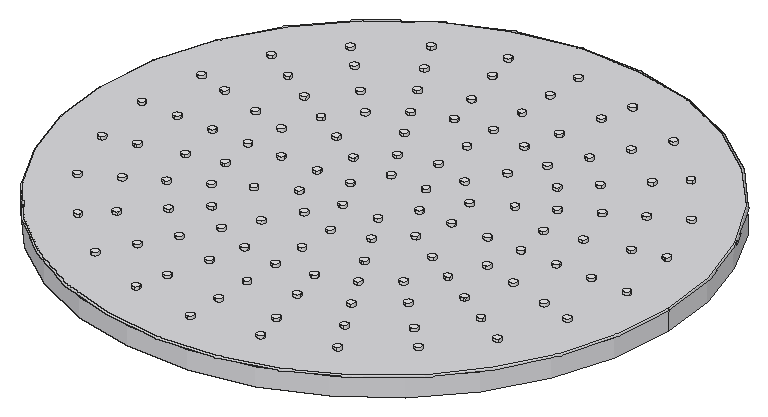
Revit family "Shower-Rainhead-KOHLER-Contemporary-K-13691", category Plumbing Fixtures, host Face, Revit 2015
Parameters (values of type "CP- Polished Chrome")
  Width = 14"  # constant formula
  WaterSense Certified = 1 = 0  # no
  Waste Water Outlet = "Waste Water Outlet"  # constant formula
  Waste Connection = 1 = 0  # no
  Vent Connection = 1 = 0  # no
  URL = "https://www.us.kohler.com/us/"
  Type = 1
  Product Page URL = "http://www.us.kohler.com/us/catalog/productDetails.jsp?productNumber=13691"
  Product Name = "Contemporary"  # constant formula
  Product Documentation Link = "https://www.us.kohler.com/webassets/kpna/catalog/pdf/en/K-13691_spec.pdf"
  Panel Thickness = 0"
  Model = if(Type = 1, "K-13691-CP", if(Type = 2, "K-13691-SN", if(Type = 3, "K-13691-BN", if(Type = 4, "K-13691-BV", "NA"))))  # "K-13691-CP"
  Material = "Solid Brass Construction"  # constant formula
  MasterFormat 2004 = "22.41.23"  # constant formula
  MasterFormat 1995 = "15410"  # constant formula
  Manufacturer Address = "444 Highland Dr, Kohler, WI 53044"  # constant formula
  Manufacturer = "KOHLER Co."  # constant formula
  Length = 14"  # constant formula
  Hot Water Inlet = "Tempered Water Inlet"  # constant formula
  Height = 2 3/4"  # constant formula
  HW Connection = 1 = 1  # yes
  Flow Rate = 2.5 GPM  # constant formula
  Finish = Kohler-Metal-CP-Polished_Chrome
  Environmental Product Declaration = ""
  Drain Included = 1 = 0  # no
  Description = "Contemporary Round 14 inch rainhead with katalyst(r) air-induction spray, 2.5 gpm"  # constant formula
  Default Elevation = 0"
  Declare Label = ""
  Date Modified = "2/14/2019"  # constant formula
  Date Created = "2/14/2019"  # constant formula
  Copyright = "Copyright KOHLER Co."  # constant formula
  Contact Us = "https://www.us.kohler.com/us/static/contact.jsp"
  Cold Water Inlet = "Cold Water Inlet"  # constant formula
  CW Connection = 1 = 0  # no
  Assembly Code = "D2010700"
  ADA Compliant = 1 = 0  # no
Types (5): name | Type | Model | Finish
  (no name) | 1 | "K-13691-CP" | Kohler-Metal-CP-Polished_Chrome
  CP- Polished Chrome | 1 | "K-13691-CP" | Kohler-Metal-CP-Polished_Chrome
  SN- Vibrant Polished Nickel | 2 | "K-13691-SN" | Kohler-Metal-SN-Vibrant_Polished_Nickel
  BN- Vibrant Brushed Nickel | 3 | "K-13691-BN" | Kohler-Metal-BN-Vibrant_Brushed_Nickel
  BV- Vibrant Brushed Bronze | 4 | "K-13691-BV" | Kohler-Metal-BV-Brushed_Bronze
Reference planes (in)
  plane 1 "Center (Front/Back)": y = 0
  plane 2: z = 0
  plane 3 "Center (Left/Right)": x = 0
  plane 4: x = -7
  plane 5: x = 7
  plane 6: z = 2.75
  plane 7: y = 7
  plane 8: y = -7
Dimensions and locks (in)
  equal spacing: plane 4, plane 3 "Center (Left/Right)", plane 5
  "Width": plane 4 to plane 5
  "Height": plane 6 to level
  "Length": plane 8 to plane 7
  aligned and locked: plane 2 to host face
  aligned and locked: level to host face
Automatic sketch dimensions
  host sketch curve to host sketch curve = 96"  (x2)
Nested families (in)
  nested 1: "K-13691" at (0, 0, 0), type "K-13691"
Connectors (in)
  piping at (0, 0, 0), diameter 0.5, driven by "HW Connection", driven by "Hot Water Inlet", driven by "Flow Rate"
    settings: on nested 1, index 1, connector inside diameter 24", connector length 0", flow factor 0, pipe flow 2.5 GPM, pressure drop 0.00 psi, fitting loss kfactor 0, connector angle 0.00°, fixture units 0, engagement length 0", angle of deflection 0.00°, flow configuration 1, flow direction 1, fitting loss method 0, system type 19, joint type 0, gender type 0, connector reference index -1, connector utility 1, adjustable connector no, is connector primary yes, connector description "Tempered Water Inlet"
Definition of nested family "K-13691"
  Parameters (values of type "K-13691")
    Material = none
  Reference planes (in)
    plane 1 "Center (Front/Back)": y = 0
    plane 2: z = 0
    plane 3 "Center (Left/Right)": x = 0
    plane 4: z = 2.75
    plane 5: y = 7
    plane 6: y = -7
    plane 7: x = -7
    plane 8: x = 7
  Forms (in)
    Sweep 1, solid, material <- "Material", detail levels medium+fine
      path origin (0, 0, 0) x (1, 0, 0) y (0, 1, 0)
        loop
          circle (0, 0) r 7
      profile origin (0, 7, 0) x (0, -1, 0) y (0, 0, 1)
        loop
          line (0, 2.67095) -> (0, 2.23047) -> (0.0912, 2.23047) -> (0.0912, 2.70291) -> (0.03195, 2.70291)
          arc (0.03195, 2.70291) -> (0.00936, 2.69355) -> (0, 2.67095) r 0.03195
    Extrusion 2, solid, material <- "Material", detail levels medium+fine
      sketch origin (0, 0, 0) x (1, 0, 0) y (0, 1, 0)
        loop
          circle (0, 0) r 6.9088
      from 2.23047 to 2.70291
    Revolve 3, solid, material <- "Material", detail levels medium+fine
      sketch origin (0, 0, 0) x (1, 0, 0) y (0, 0, 1)
        loop
          line (0, 0) -> (0.47319, 0)
          arc (0.47319, 0) -> (0.48724, 0.00582) -> (0.49306, 0.01987) r 0.01987
          line (0.49306, 0.01987) -> (0.49306, 0.75088)
          arc (0.49306, 0.75088) -> (0.45434, 0.87983) -> (0.35099, 0.96613) r 0.2341
          arc (0.35099, 0.96613) -> (0.31034, 1.01897) -> (0.33422, 1.08122) r 0.06816
          arc (0.33422, 1.08122) -> (0.38802, 1.13256) -> (0.4343, 1.19077) r 0.54326
          arc (0.4343, 1.19077) -> (0.44736, 1.20235) -> (0.46431, 1.20654) r 0.03644
          line (0.46431, 1.20654) -> (0.71851, 1.20654) -> (0.71851, 2.24609) -> (0, 2.24609) -> (0, 0)
        axis (0, 2.24609) -> (0, 0)
      angle from 0 to 360
    Extrusion 4, void
      sketch origin (0, 0, 0) x (0, 1, 0) y (0, 0, 1)
        loop
          line (-0.20585, 1.67898) -> (-0.20585, 1.20654) -> (0.20189, 1.20654) -> (0.20189, 1.67898) -> (-0.20585, 1.67898)
      from 0.69924 to 0.74752
    Extrusion 5, void
      sketch origin (0, 0, 0) x (0, 1, 0) y (0, 0, -1)
        loop
          line (-0.20585, -1.67898) -> (0.20189, -1.67898) -> (0.20189, -1.20654) -> (-0.20585, -1.20654) -> (-0.20585, -1.67898)
      from 0.69924 to 0.74752
    Extrusion 6, void
      sketch origin (0, 0, -0.00391) x (1, 0, 0) y (0, 0, 1)
        loop
          line (-0.19484, 0.75643) -> (-0.19484, 0.17414)
          arc (-0.19484, 0.17414) -> (-0.00095, 0.13203) -> (0.19294, 0.17414) r 0.46738
          line (0.19294, 0.17414) -> (0.19294, 0.75643)
          arc (0.19294, 0.75643) -> (-0.00095, 0.88502) -> (-0.19484, 0.75643) r 0.21046
      from 0.4448 to 0.53284
    Extrusion 7, void
      sketch origin (0, 0, -0.00391) x (1, 0, 0) y (0, 0, -1)
        loop
          arc (-0.19484, -0.75643) -> (-0.00095, -0.88502) -> (0.19294, -0.75643) r 0.21046
          line (0.19294, -0.75643) -> (0.19294, -0.17414)
          arc (0.19294, -0.17414) -> (-0.00095, -0.13203) -> (-0.19484, -0.17414) r 0.46738
          line (-0.19484, -0.17414) -> (-0.19484, -0.75643)
      from 0.4448 to 0.53284
    Revolve 8, solid, material <- "Material", detail levels coarse
      sketch origin (0, 0, 0) x (0, 1, 0) y (0, 0, 1)
        loop
          line (-0.49565, 0) -> (0, 0) -> (0, 2.75) -> (-7.06518, 2.75) -> (-7.06518, 2.23047) -> (-0.74794, 2.23047) -> (-0.74794, 1.20654) -> (-0.49565, 1.20654) -> (-0.49565, 0)
        axis (0, 0) -> (0, 2.75)
      angle from 0 to 360
    Extrusion 9, solid, material <- "Material", detail levels medium+fine
      sketch origin (0, 0, 0) x (1, 0, 0) y (0, 1, 0)
        loop
          circle (0, 0) r 0.08811
      from 0 to 0.04042
    Extrusion 10, solid, detail levels medium+fine
      sketch origin (0, 0, 0) x (1, 0, 0) y (0, 1, 0)
        loop
          circle (-0.84903, 0.01256) r 0.08442
        loop
          circle (0.85684, 0.00475) r 0.08442
        loop
          circle (-0.43245, 0.74437) r 0.08442
        loop
          circle (0.43045, 0.73656) r 0.08442
        loop
          circle (0, 5.96596) r 0.08442
        loop
          circle (0, 5.09514) r 0.08442
        loop
          circle (0, 4.22989) r 0.08442
        loop
          circle (0, 3.35727) r 0.08442
        loop
          circle (0, 2.53656) r 0.08442
        loop
          circle (0, 1.65585) r 0.08442
        loop
          circle (0.8632, 3.22149) r 0.08599
        loop
          circle (1.08035, 4.03193) r 0.08599
        loop
          circle (1.33917, 4.99785) r 0.08599
        loop
          circle (1.53329, 5.7223) r 0.08599
        loop
          circle (2.98298, 5.16667) r 0.08442
        loop
          circle (2.54757, 4.41252) r 0.08442
        loop
          circle (2.11494, 3.66319) r 0.08442
        loop
          circle (1.67863, 2.90748) r 0.08442
        loop
          circle (1.26828, 2.19672) r 0.08442
        loop
          circle (0.82793, 1.43401) r 0.08442
        loop
          circle (2.35829, 2.35829) r 0.08599
        loop
          circle (2.95158, 2.95158) r 0.08599
        loop
          circle (3.65868, 3.65868) r 0.08599
        loop
          circle (4.18901, 4.18901) r 0.08599
        loop
          circle (5.16667, 2.98298) r 0.08442
        loop
          circle (4.41252, 2.54757) r 0.08442
        loop
          circle (3.66319, 2.11494) r 0.08442
        loop
          circle (2.90748, 1.67863) r 0.08442
        loop
          circle (2.19672, 1.26828) r 0.08442
        loop
          circle (1.43401, 0.82793) r 0.08442
        loop
          circle (3.22149, 0.8632) r 0.08599
        loop
          circle (4.03193, 1.08035) r 0.08599
        loop
          circle (4.99785, 1.33917) r 0.08599
        loop
          circle (5.7223, 1.53329) r 0.08599
        loop
          circle (5.96596, 0) r 0.08442
        loop
          circle (5.09514, 0) r 0.08442
        loop
          circle (4.22989, 0) r 0.08442
        loop
          circle (3.35727, 0) r 0.08442
        loop
          circle (2.53656, 0) r 0.08442
        loop
          circle (1.65585, 0) r 0.08442
        loop
          circle (-0.8632, 3.22149) r 0.08599
        loop
          circle (-1.08035, 4.03193) r 0.08599
        loop
          circle (-1.33917, 4.99785) r 0.08599
        loop
          circle (-1.53329, 5.7223) r 0.08599
        loop
          circle (-2.98298, 5.16667) r 0.08442
        loop
          circle (-2.54757, 4.41252) r 0.08442
        loop
          circle (-2.11494, 3.66319) r 0.08442
        loop
          circle (-1.67863, 2.90748) r 0.08442
        loop
          circle (-1.26828, 2.19672) r 0.08442
        loop
          circle (-0.82793, 1.43401) r 0.08442
        loop
          circle (-2.35829, 2.35829) r 0.08599
        loop
          circle (-2.95158, 2.95158) r 0.08599
        loop
          circle (-3.65868, 3.65868) r 0.08599
        loop
          circle (-4.18901, 4.18901) r 0.08599
        loop
          circle (-5.16667, 2.98298) r 0.08442
        loop
          circle (-4.41252, 2.54757) r 0.08442
        loop
          circle (-3.66319, 2.11494) r 0.08442
        loop
          circle (-2.90748, 1.67863) r 0.08442
        loop
          circle (-2.19672, 1.26828) r 0.08442
        loop
          circle (-1.43401, 0.82793) r 0.08442
        loop
          circle (-3.22149, 0.8632) r 0.08599
        loop
          circle (-4.03193, 1.08035) r 0.08599
        loop
          circle (-4.99785, 1.33917) r 0.08599
        loop
          circle (-5.7223, 1.53329) r 0.08599
        loop
          circle (-5.96596, 0) r 0.08442
        loop
          circle (-5.09514, 0) r 0.08442
        loop
          circle (-4.22989, 0) r 0.08442
        loop
          circle (-3.35727, 0) r 0.08442
        loop
          circle (-2.53656, 0) r 0.08442
        loop
          circle (-1.65585, 0) r 0.08442
        loop
          circle (-0.43245, -0.74437) r 0.08442
        loop
          circle (0.43045, -0.73656) r 0.08442
        loop
          circle (0, -5.96596) r 0.08442
        loop
          circle (0, -5.09514) r 0.08442
        loop
          circle (0, -4.22989) r 0.08442
        loop
          circle (0, -3.35727) r 0.08442
        loop
          circle (0, -2.53656) r 0.08442
        loop
          circle (0, -1.65585) r 0.08442
        loop
          circle (0.8632, -3.22149) r 0.08599
        loop
          circle (1.08035, -4.03193) r 0.08599
        loop
          circle (1.33917, -4.99785) r 0.08599
        loop
          circle (1.53329, -5.7223) r 0.08599
        loop
          circle (2.98298, -5.16667) r 0.08442
        loop
          circle (2.54757, -4.41252) r 0.08442
        loop
          circle (2.11494, -3.66319) r 0.08442
        loop
          circle (1.67863, -2.90748) r 0.08442
        loop
          circle (1.26828, -2.19672) r 0.08442
        loop
          circle (0.82793, -1.43401) r 0.08442
        loop
          circle (2.35829, -2.35829) r 0.08599
        loop
          circle (2.95158, -2.95158) r 0.08599
        loop
          circle (3.65868, -3.65868) r 0.08599
        loop
          circle (4.18901, -4.18901) r 0.08599
        loop
          circle (5.16667, -2.98298) r 0.08442
        loop
          circle (4.41252, -2.54757) r 0.08442
        loop
          circle (3.66319, -2.11494) r 0.08442
        loop
          circle (2.90748, -1.67863) r 0.08442
        loop
          circle (2.19672, -1.26828) r 0.08442
        loop
          circle (1.43401, -0.82793) r 0.08442
        loop
          circle (3.22149, -0.8632) r 0.08599
        loop
          circle (4.03193, -1.08035) r 0.08599
        loop
          circle (4.99785, -1.33917) r 0.08599
        loop
          circle (5.7223, -1.53329) r 0.08599
        loop
          circle (-0.8632, -3.22149) r 0.08599
        loop
          circle (-1.08035, -4.03193) r 0.08599
        loop
          circle (-1.33917, -4.99785) r 0.08599
        loop
          circle (-1.53329, -5.7223) r 0.08599
        loop
          circle (-2.98298, -5.16667) r 0.08442
        loop
          circle (-2.54757, -4.41252) r 0.08442
        loop
          circle (-2.11494, -3.66319) r 0.08442
        loop
          circle (-1.67863, -2.90748) r 0.08442
        loop
          circle (-1.26828, -2.19672) r 0.08442
        loop
          circle (-0.82793, -1.43401) r 0.08442
        loop
          circle (-2.35829, -2.35829) r 0.08599
        loop
          circle (-2.95158, -2.95158) r 0.08599
        loop
          circle (-3.65868, -3.65868) r 0.08599
        loop
          circle (-4.18901, -4.18901) r 0.08599
        loop
          circle (-5.16667, -2.98298) r 0.08442
        loop
          circle (-4.41252, -2.54757) r 0.08442
        loop
          circle (-3.66319, -2.11494) r 0.08442
        loop
          circle (-2.90748, -1.67863) r 0.08442
        loop
          circle (-2.19672, -1.26828) r 0.08442
        loop
          circle (-1.43401, -0.82793) r 0.08442
        loop
          circle (-3.22149, -0.8632) r 0.08599
        loop
          circle (-4.03193, -1.08035) r 0.08599
        loop
          circle (-4.99785, -1.33917) r 0.08599
        loop
          circle (-5.7223, -1.53329) r 0.08599
      from 2.64636 to 2.75
  Cuts and joins
    Extrusion 4 cuts Sweep 1
    Extrusion 4, Extrusion 5, Extrusion 6, Extrusion 7 cuts Revolve 3
    joined: Sweep 1, Extrusion 2, Revolve 3
  Lines and regions (in)
    Masking region 1
      outline origin (0, 0, 0) x (1, 0, 0) y (0, 1, 0)
        loop
          circle (0, 0) r 7
    Masking region 2
      outline origin (0, 0, 0) x (0, 1, 0) y (0, 0, 1)
        loop
          line (0, 0) -> (0.47319, 0)
          arc (0.47319, 0) -> (0.48724, 0.00582) -> (0.49306, 0.01987) r 0.01987
          line (0.49306, 0.01987) -> (0.49306, 0.12775)
          spline (0.49306, 0.12775) -> (0.49192, 0.12801) -> (0.4911, 0.12888) -> (0.48973, 0.13034) -> (0.48781, 0.13239) -> (0.48535, 0.13504) -> (0.48236, 0.13827) -> (0.47884, 0.14208) -> (0.47481, 0.14646) -> (0.47026, 0.1514) -> (0.46521, 0.15688) -> (0.45968, 0.1629) -> (0.45367, 0.16944)
          line (0.45367, 0.16944) -> (0.45367, 0.75284)
          arc (0.45367, 0.75284) -> (0.46038, 0.81709) -> (0.45336, 0.88131) r 0.30386
          arc (0.45336, 0.88131) -> (0.40832, 0.93114) -> (0.35099, 0.96613) r 0.2341
          arc (0.35099, 0.96613) -> (0.31034, 1.01897) -> (0.33422, 1.08122) r 0.06816
          arc (0.33422, 1.08122) -> (0.38802, 1.13256) -> (0.4343, 1.19077) r 0.54326
          arc (0.4343, 1.19077) -> (0.44736, 1.20235) -> (0.46431, 1.20654) r 0.03644
          line (0.46431, 1.20654) -> (0.71851, 1.20654) -> (0.71851, 2.23047) -> (6.99929, 2.23047) -> (6.99929, 2.67017)
          arc (6.99929, 2.67017) -> (6.9897, 2.69332) -> (6.96656, 2.70291) r 0.03273
          line (6.96656, 2.70291) -> (6.02002, 2.70291) -> (6.02002, 2.75) -> (5.9075, 2.75) -> (5.9075, 2.70291) -> (5.78535, 2.70291) -> (5.78535, 2.75) -> (5.66632, 2.75) -> (5.66632, 2.70291) -> (5.18094, 2.70291) -> (5.18094, 2.75) -> (4.84849, 2.75) -> (4.84849, 2.70291) -> (4.48497, 2.70291) -> (4.48497, 2.75) -> (3.96752, 2.75) -> (3.96752, 2.70291) -> (3.73756, 2.70291) -> (3.73756, 2.75) -> (3.51467, 2.75) -> (3.51467, 2.70291) -> (3.41333, 2.70291) -> (3.41333, 2.75) -> (3.16236, 2.75) -> (3.16236, 2.70291) -> (3.05894, 2.70291) -> (3.05894, 2.75) -> (2.83143, 2.75) -> (2.83143, 2.70291) -> (2.61731, 2.70291) -> (2.61731, 2.75) -> (2.09565, 2.75) -> (2.09565, 2.70291) -> (1.82614, 2.70291) -> (1.82614, 2.75) -> (1.23321, 2.75) -> (1.23321, 2.70291) -> (1.11257, 2.70291) -> (1.11257, 2.75) -> (0.68578, 2.75) -> (0.68578, 2.70291) -> (0.48755, 2.70291) -> (0.48755, 2.75) -> (0.3558, 2.75) -> (0.3558, 2.70291) -> (0.076, 2.70291) -> (0.076, 2.75) -> (-0.06129, 2.75) -> (-0.06129, 2.70291) -> (-0.36762, 2.70291) -> (-0.36762, 2.75) -> (-0.4874, 2.75) -> (-0.4874, 2.70291) -> (-0.67992, 2.70291) -> (-0.67992, 2.75) -> (-0.945, 2.75) -> (-0.945, 2.70291) -> (-1.02285, 2.70291) -> (-1.02285, 2.75) -> (-1.7829, 2.75) -> (-1.7829, 2.70291) -> (-2.03742, 2.70291) -> (-2.03742, 2.75) -> (-2.59088, 2.75) -> (-2.59088, 2.70291) -> (-2.83139, 2.70291) -> (-2.83139, 2.75) -> (-3.06979, 2.75) -> (-3.06979, 2.70291) -> (-3.16211, 2.70291) -> (-3.16211, 2.75) -> (-3.4133, 2.75) -> (-3.4133, 2.70291) -> (-3.51468, 2.70291) -> (-3.51468, 2.75) -> (-3.73748, 2.75) -> (-3.73748, 2.70291) -> (-3.96748, 2.70291) -> (-3.96748, 2.75) -> (-4.48472, 2.75) -> (-4.48472, 2.70291) -> (-4.84849, 2.70291) -> (-4.84849, 2.75) -> (-5.18076, 2.75) -> (-5.18076, 2.70291) -> (-5.66622, 2.70291) -> (-5.66622, 2.75) -> (-5.78554, 2.75) -> (-5.78554, 2.70291) -> (-5.90753, 2.70291) -> (-5.90753, 2.75) -> (-6.02003, 2.75) -> (-6.02003, 2.70291) -> (-6.96727, 2.70291)
          arc (-6.96727, 2.70291) -> (-6.99041, 2.69332) -> (-7, 2.67017) r 0.03273
          line (-7, 2.67017) -> (-7, 2.23047) -> (-0.71851, 2.23047) -> (-0.71851, 1.20654) -> (-0.46431, 1.20654)
          arc (-0.46431, 1.20654) -> (-0.44736, 1.20235) -> (-0.4343, 1.19077) r 0.03644
          arc (-0.4343, 1.19077) -> (-0.38802, 1.13256) -> (-0.33422, 1.08122) r 0.54326
          arc (-0.33422, 1.08122) -> (-0.31034, 1.01897) -> (-0.35099, 0.96613) r 0.06816
          arc (-0.35099, 0.96613) -> (-0.40832, 0.93114) -> (-0.45336, 0.88131) r 0.2341
          arc (-0.45336, 0.88131) -> (-0.46038, 0.81538) -> (-0.45293, 0.74951) r 0.30386
          line (-0.45293, 0.74951) -> (-0.45293, 0.17024)
          spline (-0.45293, 0.17024) -> (-0.45906, 0.16358) -> (-0.46469, 0.15744) -> (-0.46984, 0.15186) -> (-0.47447, 0.14683) -> (-0.47859, 0.14236) -> (-0.48217, 0.13848) -> (-0.48522, 0.13518) -> (-0.48772, 0.13249) -> (-0.48968, 0.13039) -> (-0.49108, 0.1289) -> (-0.49192, 0.12802) -> (-0.4922, 0.12775)
          line (-0.4922, 0.12775) -> (-0.49306, 0.01987)
          arc (-0.49306, 0.01987) -> (-0.48724, 0.00582) -> (-0.47319, 0) r 0.01987
          line (-0.47319, 0) -> (0, 0)
    Masking region 3
      outline origin (0, 0, 0) x (1, 0, 0) y (0, 0, 1)
        loop
          line (0, 0) -> (0.47319, 0)
          arc (0.47319, 0) -> (0.48724, 0.00582) -> (0.49306, 0.01987) r 0.01987
          line (0.49306, 0.01987) -> (0.49306, 0.75088)
          arc (0.49306, 0.75088) -> (0.45434, 0.87983) -> (0.35099, 0.96613) r 0.2341
          arc (0.35099, 0.96613) -> (0.31034, 1.01897) -> (0.33422, 1.08122) r 0.06816
          arc (0.33422, 1.08122) -> (0.38802, 1.13256) -> (0.4343, 1.19077) r 0.54326
          arc (0.4343, 1.19077) -> (0.44736, 1.20235) -> (0.46431, 1.20654) r 0.03644
          line (0.46431, 1.20654) -> (0.69924, 1.20654) -> (0.69924, 1.65881)
          arc (0.69924, 1.65881) -> (0.70484, 1.67273) -> (0.71851, 1.67892) r 0.02013
          line (0.71851, 1.67892) -> (0.71851, 2.23047) -> (7, 2.23047) -> (7, 2.67017)
          arc (7, 2.67017) -> (6.99041, 2.69332) -> (6.96727, 2.70291) r 0.03273
          line (6.96727, 2.70291) -> (6.02003, 2.70291) -> (6.02003, 2.75) -> (5.90753, 2.75) -> (5.90753, 2.70291) -> (5.78554, 2.70291) -> (5.78554, 2.75) -> (5.66622, 2.75) -> (5.66622, 2.70291) -> (5.18076, 2.70291) -> (5.18076, 2.75) -> (4.84849, 2.75) -> (4.84849, 2.70291) -> (4.48472, 2.70291) -> (4.48472, 2.75) -> (3.96748, 2.75) -> (3.96748, 2.70291) -> (3.73748, 2.70291) -> (3.73748, 2.75) -> (3.51468, 2.75) -> (3.51468, 2.70291) -> (3.4133, 2.70291) -> (3.4133, 2.75) -> (3.16211, 2.75) -> (3.16211, 2.70291) -> (3.06979, 2.70291) -> (3.06979, 2.75) -> (2.83139, 2.75) -> (2.83139, 2.70291) -> (2.59088, 2.70291) -> (2.59088, 2.75) -> (2.03742, 2.75) -> (2.03742, 2.70291) -> (1.7829, 2.70291) -> (1.7829, 2.75) -> (1.46753, 2.75) -> (1.46753, 2.70291) -> (1.38578, 2.70291) -> (1.38578, 2.75) -> (1.04854, 2.75) -> (1.04854, 2.70291) -> (0.945, 2.70291) -> (0.945, 2.75) -> (0.7893, 2.75) -> (0.7893, 2.70291) -> (0.4874, 2.70291) -> (0.4874, 2.75) -> (0.36762, 2.75) -> (0.36762, 2.70291) -> (0.03834, 2.70291) -> (0.03834, 2.75) -> (-0.07498, 2.75) -> (-0.07498, 2.70291) -> (-0.3558, 2.70291) -> (-0.3558, 2.75) -> (-0.48755, 2.75) -> (-0.48755, 2.70291) -> (-0.78272, 2.70291) -> (-0.78272, 2.75) -> (-1.11257, 2.75) -> (-1.11257, 2.70291) -> (-1.23321, 2.70291) -> (-1.23321, 2.75) -> (-1.82614, 2.75) -> (-1.82614, 2.70291) -> (-2.09565, 2.70291) -> (-2.09565, 2.75) -> (-2.61731, 2.75) -> (-2.61731, 2.70291) -> (-2.83143, 2.70291) -> (-2.83143, 2.75) -> (-3.05894, 2.75) -> (-3.05894, 2.70291) -> (-3.16236, 2.70291) -> (-3.16236, 2.75) -> (-3.41333, 2.75) -> (-3.41333, 2.70291) -> (-3.51467, 2.70291) -> (-3.51467, 2.75) -> (-3.73756, 2.75) -> (-3.73756, 2.70291) -> (-3.96752, 2.70291) -> (-3.96752, 2.75) -> (-4.48497, 2.75) -> (-4.48497, 2.70291) -> (-4.84849, 2.70291) -> (-4.84849, 2.75) -> (-5.18094, 2.75) -> (-5.18094, 2.70291) -> (-5.66632, 2.70291) -> (-5.66632, 2.75) -> (-5.78535, 2.75) -> (-5.78535, 2.70291) -> (-5.9075, 2.70291) -> (-5.9075, 2.75) -> (-6.02002, 2.75) -> (-6.02002, 2.70291) -> (-6.96656, 2.70291)
          arc (-6.96656, 2.70291) -> (-6.9897, 2.69332) -> (-6.99929, 2.67017) r 0.03273
          line (-6.99929, 2.67017) -> (-6.99929, 2.23047) -> (-0.71851, 2.23047) -> (-0.71851, 1.67892)
          arc (-0.71851, 1.67892) -> (-0.70484, 1.67273) -> (-0.69924, 1.65881) r 0.02013
          line (-0.69924, 1.65881) -> (-0.69924, 1.20654) -> (-0.46431, 1.20654)
          arc (-0.46431, 1.20654) -> (-0.44736, 1.20235) -> (-0.4343, 1.19077) r 0.03644
          arc (-0.4343, 1.19077) -> (-0.38802, 1.13256) -> (-0.33422, 1.08122) r 0.54326
          arc (-0.33422, 1.08122) -> (-0.31034, 1.01897) -> (-0.35099, 0.96613) r 0.06816
          arc (-0.35099, 0.96613) -> (-0.45434, 0.87983) -> (-0.49306, 0.75088) r 0.2341
          line (-0.49306, 0.75088) -> (-0.49306, 0.01987)
          arc (-0.49306, 0.01987) -> (-0.48724, 0.00582) -> (-0.47319, 0) r 0.01987
          line (-0.47319, 0) -> (0, 0)
    symbolic lines, detail levels medium+fine
      curve 1: line (-0.19484, 0, 0.75252) -> (-0.19484, 0, 0.17024)
      curve 2: line (0.19294, 0, 0.17024) -> (0.19294, 0, 0.75252)
      curve 3: arc (-0.19484, 0, 0.17024) -> (-0.00095, 0, 0.12812) -> (0.19294, 0, 0.17024) r 0.46738
      curve 4: arc (0.19294, 0, 0.75252) -> (-0.00095, 0, 0.88112) -> (-0.19484, 0, 0.75252) r 0.21046
      curve 5: line (0.69924, 0, 1.20654) -> (-0.69924, 0, 1.20654)
      curve 6: line (6.96805, 0, 2.70291) -> (-6.96805, 0, 2.70291)
      curve 7: line (-5.05439, 0, 2.75) -> (-5.05439, 0, 2.70291)
      curve 8: line (-4.94182, 0, 2.75) -> (-4.94182, 0, 2.70291)
      curve 9: line (-4.44619, 0, 2.75) -> (-4.44619, 0, 2.70291)
      curve 10: line (-4.37219, 0, 2.75) -> (-4.37219, 0, 2.70291)
      curve 11: line (-4.29043, 0, 2.75) -> (-4.29043, 0, 2.70291)
      curve 12: line (-4.23881, 0, 2.75) -> (-4.23881, 0, 2.70291)
      curve 13: line (-4.18253, 0, 2.75) -> (-4.18253, 0, 2.70291)
      curve 14: line (-4.14058, 0, 2.75) -> (-4.14058, 0, 2.70291)
      curve 15: line (-4.08002, 0, 2.75) -> (-4.08002, 0, 2.70291)
      curve 16: line (-4.02801, 0, 2.75) -> (-4.02801, 0, 2.70291)
      curve 17: line (-3.67093, 0, 2.75) -> (-3.67093, 0, 2.70291)
      curve 18: line (-3.62495, 0, 2.75) -> (-3.62495, 0, 2.70291)
      curve 19: line (-3.61465, 0, 2.75) -> (-3.61465, 0, 2.70291)
      curve 20: line (-3.55837, 0, 2.75) -> (-3.55837, 0, 2.70291)
      curve 21: line (-3.30067, 0, 2.75) -> (-3.30067, 0, 2.70291)
      curve 22: line (-3.27476, 0, 2.75) -> (-3.27476, 0, 2.70291)
      curve 23: line (-3.1866, 0, 2.75) -> (-3.1866, 0, 2.70291)
      curve 24: line (-3.01521, 0, 2.75) -> (-3.01521, 0, 2.70291)
      curve 25: line (-2.92895, 0, 2.75) -> (-2.92895, 0, 2.70291)
      curve 26: line (-2.94642, 0, 2.75) -> (-2.94642, 0, 2.70291)
      curve 27: line (-2.90146, 0, 2.75) -> (-2.90146, 0, 2.70291)
      curve 28: line (-2.59087, 0, 2.75) -> (-2.59087, 0, 2.70291)
      curve 29: line (-2.56109, 0, 2.75) -> (-2.56109, 0, 2.70291)
      curve 30: line (-2.50481, 0, 2.75) -> (-2.50481, 0, 2.70291)
      curve 31: line (-2.46066, 0, 2.75) -> (-2.46066, 0, 2.70291)
      curve 32: line (-2.40437, 0, 2.75) -> (-2.40437, 0, 2.70291)
      curve 33: line (-2.34809, 0, 2.75) -> (-2.34809, 0, 2.70291)
      curve 34: line (-2.2872, 0, 2.75) -> (-2.2872, 0, 2.70291)
      curve 35: line (-2.25085, 0, 2.75) -> (-2.25085, 0, 2.70291)
      curve 36: line (-2.20822, 0, 2.75) -> (-2.20822, 0, 2.70291)
      curve 37: line (-2.16512, 0, 2.75) -> (-2.16512, 0, 2.70291)
      curve 38: line (-1.71359, 0, 2.75) -> (-1.71359, 0, 2.70291)
      curve 39: line (-1.64535, 0, 2.75) -> (-1.64535, 0, 2.70291)
      curve 40: line (-1.54779, 0, 2.75) -> (-1.54779, 0, 2.70291)
      curve 41: line (-1.44397, 0, 2.75) -> (-1.44397, 0, 2.70291)
      curve 42: line (-1.35973, 0, 2.75) -> (-1.35973, 0, 2.70291)
      curve 43: line (-1.29862, 0, 2.75) -> (-1.29862, 0, 2.70291)
      curve 44: line (-1.06793, 0, 2.75) -> (-1.06793, 0, 2.70291)
      curve 45: line (-1.04112, 0, 2.75) -> (-1.04112, 0, 2.70291)
      curve 46: line (-0.94765, 0, 2.75) -> (-0.94765, 0, 2.70291)
      curve 47: line (-0.87978, 0, 2.75) -> (-0.87978, 0, 2.70291)
      curve 48: line (-0.81952, 0, 2.75) -> (-0.81952, 0, 2.70291)
      curve 49: line (-0.46831, 0, 2.75) -> (-0.46831, 0, 2.70291)
      curve 50: line (-0.37503, 0, 2.75) -> (-0.37503, 0, 2.70291)
      curve 51: line (0.82053, 0, 2.75) -> (0.82053, 0, 2.70291)
      curve 52: line (0.92436, 0, 2.75) -> (0.92436, 0, 2.70291)
      curve 53: line (1.1046, 0, 2.75) -> (1.1046, 0, 2.70291)
      curve 54: line (1.21716, 0, 2.75) -> (1.21716, 0, 2.70291)
      curve 55: line (1.31641, 0, 2.75) -> (1.31641, 0, 2.70291)
      curve 56: line (1.56641, 0, 2.75) -> (1.56641, 0, 2.70291)
      curve 57: line (1.67041, 0, 2.75) -> (1.67041, 0, 2.70291)
      curve 58: line (2.12196, 0, 2.75) -> (2.12196, 0, 2.70291)
      curve 59: line (2.19457, 0, 2.75) -> (2.19457, 0, 2.70291)
      curve 60: line (2.31415, 0, 2.75) -> (2.31415, 0, 2.70291)
      curve 61: line (2.40437, 0, 2.75) -> (2.40437, 0, 2.70291)
      curve 62: line (2.50068, 0, 2.75) -> (2.50068, 0, 2.70291)
      curve 63: line (2.8765, 0, 2.75) -> (2.8765, 0, 2.70291)
      curve 64: line (2.98533, 0, 2.75) -> (2.98533, 0, 2.70291)
      curve 65: line (3.19437, 0, 2.75) -> (3.19437, 0, 2.70291)
      curve 66: line (3.2877, 0, 2.75) -> (3.2877, 0, 2.70291)
      curve 67: line (3.35296, 0, 2.75) -> (3.35296, 0, 2.70291)
      curve 68: line (3.56488, 0, 2.75) -> (3.56488, 0, 2.70291)
      curve 69: line (3.64695, 0, 2.74189) -> (3.64695, 0, 2.70291)
      curve 70: line (3.65844, 0, 2.75) -> (3.65844, 0, 2.70291)
      curve 71: line (4.02801, 0, 2.75) -> (4.02801, 0, 2.70291)
      curve 72: line (4.13876, 0, 2.75) -> (4.13876, 0, 2.70291)
      curve 73: line (4.2202, 0, 2.75) -> (4.2202, 0, 2.70291)
      curve 74: line (4.30897, 0, 2.75) -> (4.30897, 0, 2.70291)
      curve 75: line (4.38991, 0, 2.75) -> (4.38991, 0, 2.70291)
      curve 76: line (4.11126, 0, 2.75) -> (4.11126, 0, 2.70291)
      curve 77: line (4.8811, 0, 2.75) -> (4.8811, 0, 2.70291)
      curve 78: line (4.96102, 0, 2.75) -> (4.96102, 0, 2.70291)
      curve 79: line (5.05439, 0, 2.75) -> (5.05439, 0, 2.70291)
      curve 80: line (5.15645, 0, 2.75) -> (5.15645, 0, 2.70291)
      curve 81: line (0, 0.16527, 1.20654) -> (0, 0, 1.20654)
      curve 82: line (0, 0, 1.20654) -> (0, -0.16527, 1.20654)
      curve 83: line (0, -0.16527, 1.20654) -> (0, -0.16527, 1.67898)
      curve 84: line (0, -0.16527, 1.67898) -> (0, 0.16527, 1.67898)
      curve 85: line (0, 0.16527, 1.67898) -> (0, 0.16527, 1.20654)
      curve 86: line (0, 0.46431, 1.20654) -> (0, 0, 1.20654)
      curve 87: line (0, 0, 1.20654) -> (0, -0.46431, 1.20654)
      curve 88: line (0, 0.71851, 2.23047) -> (0, -0.71851, 2.23047)
      curve 89: line (0, 6.96805, 2.70291) -> (0, -6.96805, 2.70291)
      curve 90: line (0, 5.03548, 2.75) -> (0, 5.03548, 2.70291)
      curve 91: line (0, 5.14804, 2.75) -> (0, 5.14804, 2.70291)
      curve 92: line (0, 4.94182, 2.75) -> (0, 4.94182, 2.70291)
      curve 93: line (0, 4.38991, 2.75) -> (0, 4.38991, 2.70291)
      curve 94: line (0, 4.18253, 2.75) -> (0, 4.18253, 2.70291)
      curve 95: line (0, 4.08002, 2.75) -> (0, 4.08002, 2.70291)
      curve 96: line (0, 3.67093, 2.75) -> (0, 3.67093, 2.70291)
      curve 97: line (0, 3.55837, 2.75) -> (0, 3.55837, 2.70291)
      curve 98: line (0, 3.35695, 2.75) -> (0, 3.35695, 2.70291)
      curve 99: line (0, 3.24288, 2.75) -> (0, 3.24288, 2.70291)
      curve 100: line (0, 3.01402, 2.75) -> (0, 3.01402, 2.70291)
      curve 101: line (0, 2.88771, 2.75) -> (0, 2.88771, 2.70291)
      curve 102: line (0, 2.53459, 2.75) -> (0, 2.53459, 2.70291)
      curve 103: line (0, 2.34809, 2.75) -> (0, 2.34809, 2.70291)
      curve 104: line (0, 2.46066, 2.75) -> (0, 2.46066, 2.70291)
      curve 105: line (0, 2.2214, 2.75) -> (0, 2.2214, 2.70291)
      curve 106: line (0, 1.28947, 2.75) -> (0, 1.28947, 2.70291)
      curve 107: line (0, 1.3549, 2.75) -> (0, 1.3549, 2.70291)
      curve 108: line (0, 1.42775, 2.75) -> (0, 1.42775, 2.70291)
      curve 109: line (0, 1.53558, 2.75) -> (0, 1.53558, 2.70291)
      curve 110: line (0, 1.71258, 2.75) -> (0, 1.71258, 2.70291)
      curve 111: line (0, 1.62816, 2.75) -> (0, 1.62816, 2.70291)
      curve 112: line (0, 1.01892, 2.75) -> (0, 1.01892, 2.70291)
      curve 113: line (0, 0.90792, 2.75) -> (0, 0.90792, 2.70291)
      curve 114: line (0, 0.79312, 2.75) -> (0, 0.79312, 2.70291)
      curve 115: line (0, -0.73614, 2.75) -> (0, -0.73614, 2.70291)
      curve 116: line (0, -0.89622, 2.75) -> (0, -0.89622, 2.70291)
      curve 117: line (0, -0.8118, 2.75) -> (0, -0.8118, 2.70291)
      curve 118: line (0, -1.74365, 2.75) -> (0, -1.74365, 2.70291)
      curve 119: line (0, -1.63404, 2.75) -> (0, -1.63404, 2.70291)
      curve 120: line (0, -1.43829, 2.75) -> (0, -1.43829, 2.70291)
      curve 121: line (0, -1.53732, 2.75) -> (0, -1.53732, 2.70291)
      curve 122: line (0, -1.40288, 2.75) -> (0, -1.40288, 2.70291)
      curve 123: line (0, -1.27327, 2.75) -> (0, -1.27327, 2.70291)
      curve 124: line (0, -1.16088, 2.75) -> (0, -1.16088, 2.70291)
      curve 125: line (0, -2.52882, 2.75) -> (0, -2.52882, 2.70291)
      curve 126: line (0, -2.41495, 2.75) -> (0, -2.41495, 2.70291)
      curve 127: line (0, -2.27768, 2.75) -> (0, -2.27768, 2.70291)
      curve 128: line (0, -2.13829, 2.75) -> (0, -2.13829, 2.70291)
      curve 129: line (0, -2.88771, 2.75) -> (0, -2.88771, 2.70291)
      curve 130: line (0, -3.01347, 2.75) -> (0, -3.01347, 2.70291)
      curve 131: line (0, -3.21848, 2.75) -> (0, -3.21848, 2.70291)
      curve 132: line (0, -3.33256, 2.75) -> (0, -3.33256, 2.70291)
      curve 133: line (0, -3.62716, 2.75) -> (0, -3.62716, 2.70291)
      curve 134: line (0, -3.57088, 2.75) -> (0, -3.57088, 2.70291)
      curve 135: line (0, -4.42847, 2.75) -> (0, -4.42847, 2.70291)
      curve 136: line (0, -4.05339, 2.75) -> (0, -4.05339, 2.70291)
      curve 137: line (0, -4.168, 2.75) -> (0, -4.168, 2.70291)
      curve 138: line (0, -4.29382, 2.75) -> (0, -4.29382, 2.70291)
      curve 139: line (0, -5.13845, 2.75) -> (0, -5.13845, 2.70291)
      curve 140: line (0, -5.01462, 2.75) -> (0, -5.01462, 2.70291)
      curve 141: line (0, -5.08098, 2.75) -> (0, -5.08098, 2.70291)
      curve 142: line (0, -4.90474, 2.75) -> (0, -4.90474, 2.70291)
      curve 143: line (-0.71851, 0, 2.23047) -> (0.71851, 0, 2.23047)
      curve 144: line (-0.19484, 0, 0.17024) -> (0.19294, 0, 0.17024)
      curve 145: line (-0.19484, 0, 0.75252) -> (-0.49306, 0, 0.75252)
      curve 146: line (0.19294, 0, 0.75252) -> (0.49306, 0, 0.75252)
      curve 147: line (-0.35099, 0, 0.96613) -> (0.35099, 0, 0.96613)
      curve 148: line (-0.33422, 0, 1.08122) -> (0.33422, 0, 1.08122)
      curve 149: line (0, 0.35099, 0.96613) -> (0, -0.35099, 0.96613)
      curve 150: line (0, 0.33422, 1.08122) -> (0, -0.33422, 1.08122)
      curve 151: circle (-0.84903, 0.01256, 0) r 0.08442 normal (0, 0, -1)
      curve 152: circle (0.85684, 0.00475, 0) r 0.08442 normal (0, 0, -1)
      curve 153: circle (-0.43245, 0.74437, 0) r 0.08442 normal (0, 0, -1)
      curve 154: circle (0.43045, 0.73656, 0) r 0.08442 normal (0, 0, -1)
      curve 155: circle (0, 5.96596, 0) r 0.08442 normal (0, 0, 1)
      curve 156: circle (0, 5.09514, 0) r 0.08442 normal (0, 0, 1)
      curve 157: circle (0, 4.22989, 0) r 0.08442 normal (0, 0, 1)
      curve 158: circle (0, 3.35727, 0) r 0.08442 normal (0, 0, 1)
      curve 159: circle (0, 2.53656, 0) r 0.08442 normal (0, 0, 1)
      curve 160: circle (0, 1.65585, 0) r 0.08442 normal (0, 0, 1)
      curve 161: circle (0.8632, 3.22149, 0) r 0.08599 normal (0, 0, 1)
      curve 162: circle (1.08035, 4.03193, 0) r 0.08599 normal (0, 0, 1)
      curve 163: circle (1.33917, 4.99785, 0) r 0.08599 normal (0, 0, 1)
      curve 164: circle (1.53329, 5.7223, 0) r 0.08599 normal (0, 0, 1)
      curve 165: circle (2.98298, 5.16667, 0) r 0.08442 normal (0, 0, 1)
      curve 166: circle (2.54757, 4.41252, 0) r 0.08442 normal (0, 0, 1)
      curve 167: circle (2.11494, 3.66319, 0) r 0.08442 normal (0, 0, 1)
      curve 168: circle (1.67863, 2.90748, 0) r 0.08442 normal (0, 0, 1)
      curve 169: circle (1.26828, 2.19672, 0) r 0.08442 normal (0, 0, 1)
      curve 170: circle (0.82793, 1.43401, 0) r 0.08442 normal (0, 0, 1)
      curve 171: circle (2.35829, 2.35829, 0) r 0.08599 normal (0, 0, 1)
      curve 172: circle (2.95158, 2.95158, 0) r 0.08599 normal (0, 0, 1)
      curve 173: circle (3.65868, 3.65868, 0) r 0.08599 normal (0, 0, 1)
      curve 174: circle (4.18901, 4.18901, 0) r 0.08599 normal (0, 0, 1)
      curve 175: circle (5.16667, 2.98298, 0) r 0.08442 normal (0, 0, 1)
      curve 176: circle (4.41252, 2.54757, 0) r 0.08442 normal (0, 0, 1)
      curve 177: circle (3.66319, 2.11494, 0) r 0.08442 normal (0, 0, 1)
      curve 178: circle (2.90748, 1.67863, 0) r 0.08442 normal (0, 0, 1)
      curve 179: circle (2.19672, 1.26828, 0) r 0.08442 normal (0, 0, 1)
      curve 180: circle (1.43401, 0.82793, 0) r 0.08442 normal (0, 0, 1)
      curve 181: circle (3.22149, 0.8632, 0) r 0.08599 normal (0, 0, 1)
      curve 182: circle (4.03193, 1.08035, 0) r 0.08599 normal (0, 0, 1)
      curve 183: circle (4.99785, 1.33917, 0) r 0.08599 normal (0, 0, 1)
      curve 184: circle (5.7223, 1.53329, 0) r 0.08599 normal (0, 0, 1)
      curve 185: circle (5.96596, 0, 0) r 0.08442 normal (0, 0, 1)
      curve 186: circle (5.09514, 0, 0) r 0.08442 normal (0, 0, 1)
      curve 187: circle (4.22989, 0, 0) r 0.08442 normal (0, 0, 1)
      curve 188: circle (3.35727, 0, 0) r 0.08442 normal (0, 0, 1)
      curve 189: circle (2.53656, 0, 0) r 0.08442 normal (0, 0, 1)
      curve 190: circle (1.65585, 0, 0) r 0.08442 normal (0, 0, 1)
      curve 191: circle (-0.8632, 3.22149, 0) r 0.08599 normal (0, 0, -1)
      curve 192: circle (-1.08035, 4.03193, 0) r 0.08599 normal (0, 0, -1)
      curve 193: circle (-1.33917, 4.99785, 0) r 0.08599 normal (0, 0, -1)
      curve 194: circle (-1.53329, 5.7223, 0) r 0.08599 normal (0, 0, -1)
      curve 195: circle (-2.98298, 5.16667, 0) r 0.08442 normal (0, 0, -1)
      curve 196: circle (-2.54757, 4.41252, 0) r 0.08442 normal (0, 0, -1)
      curve 197: circle (-2.11494, 3.66319, 0) r 0.08442 normal (0, 0, -1)
      curve 198: circle (-1.67863, 2.90748, 0) r 0.08442 normal (0, 0, -1)
      curve 199: circle (-1.26828, 2.19672, 0) r 0.08442 normal (0, 0, -1)
      curve 200: circle (-0.82793, 1.43401, 0) r 0.08442 normal (0, 0, -1)
      curve 201: circle (-2.35829, 2.35829, 0) r 0.08599 normal (0, 0, -1)
      curve 202: circle (-2.95158, 2.95158, 0) r 0.08599 normal (0, 0, -1)
      curve 203: circle (-3.65868, 3.65868, 0) r 0.08599 normal (0, 0, -1)
      curve 204: circle (-4.18901, 4.18901, 0) r 0.08599 normal (0, 0, -1)
      curve 205: circle (-5.16667, 2.98298, 0) r 0.08442 normal (0, 0, -1)
      curve 206: circle (-4.41252, 2.54757, 0) r 0.08442 normal (0, 0, -1)
      curve 207: circle (-3.66319, 2.11494, 0) r 0.08442 normal (0, 0, -1)
      curve 208: circle (-2.90748, 1.67863, 0) r 0.08442 normal (0, 0, -1)
      curve 209: circle (-2.19672, 1.26828, 0) r 0.08442 normal (0, 0, -1)
      curve 210: circle (-1.43401, 0.82793, 0) r 0.08442 normal (0, 0, -1)
      curve 211: circle (-3.22149, 0.8632, 0) r 0.08599 normal (0, 0, -1)
      curve 212: circle (-4.03193, 1.08035, 0) r 0.08599 normal (0, 0, -1)
      curve 213: circle (-4.99785, 1.33917, 0) r 0.08599 normal (0, 0, -1)
      curve 214: circle (-5.7223, 1.53329, 0) r 0.08599 normal (0, 0, -1)
      curve 215: circle (-5.96596, 0, 0) r 0.08442 normal (0, 0, -1)
      curve 216: circle (-5.09514, 0, 0) r 0.08442 normal (0, 0, -1)
      curve 217: circle (-4.22989, 0, 0) r 0.08442 normal (0, 0, -1)
      curve 218: circle (-3.35727, 0, 0) r 0.08442 normal (0, 0, -1)
      curve 219: circle (-2.53656, 0, 0) r 0.08442 normal (0, 0, -1)
      curve 220: circle (-1.65585, 0, 0) r 0.08442 normal (0, 0, -1)
      curve 221: circle (-0.43245, -0.74437, 0) r 0.08442 normal (0, 0, 1)
      curve 222: circle (0.43045, -0.73656, 0) r 0.08442 normal (0, 0, 1)
      curve 223: circle (0, -5.96596, 0) r 0.08442 normal (0, 0, -1)
      curve 224: circle (0, -5.09514, 0) r 0.08442 normal (0, 0, -1)
      curve 225: circle (0, -4.22989, 0) r 0.08442 normal (0, 0, -1)
      curve 226: circle (0, -3.35727, 0) r 0.08442 normal (0, 0, -1)
      curve 227: circle (0, -2.53656, 0) r 0.08442 normal (0, 0, -1)
      curve 228: circle (0, -1.65585, 0) r 0.08442 normal (0, 0, -1)
      curve 229: circle (0.8632, -3.22149, 0) r 0.08599 normal (0, 0, -1)
      curve 230: circle (1.08035, -4.03193, 0) r 0.08599 normal (0, 0, -1)
      curve 231: circle (1.33917, -4.99785, 0) r 0.08599 normal (0, 0, -1)
      curve 232: circle (1.53329, -5.7223, 0) r 0.08599 normal (0, 0, -1)
      curve 233: circle (2.98298, -5.16667, 0) r 0.08442 normal (0, 0, -1)
      curve 234: circle (2.54757, -4.41252, 0) r 0.08442 normal (0, 0, -1)
      curve 235: circle (2.11494, -3.66319, 0) r 0.08442 normal (0, 0, -1)
      curve 236: circle (1.67863, -2.90748, 0) r 0.08442 normal (0, 0, -1)
      curve 237: circle (1.26828, -2.19672, 0) r 0.08442 normal (0, 0, -1)
      curve 238: circle (0.82793, -1.43401, 0) r 0.08442 normal (0, 0, -1)
      curve 239: circle (2.35829, -2.35829, 0) r 0.08599 normal (0, 0, -1)
      curve 240: circle (2.95158, -2.95158, 0) r 0.08599 normal (0, 0, -1)
      curve 241: circle (3.65868, -3.65868, 0) r 0.08599 normal (0, 0, -1)
      curve 242: circle (4.18901, -4.18901, 0) r 0.08599 normal (0, 0, -1)
      curve 243: circle (5.16667, -2.98298, 0) r 0.08442 normal (0, 0, -1)
      curve 244: circle (4.41252, -2.54757, 0) r 0.08442 normal (0, 0, -1)
      curve 245: circle (3.66319, -2.11494, 0) r 0.08442 normal (0, 0, -1)
      curve 246: circle (2.90748, -1.67863, 0) r 0.08442 normal (0, 0, -1)
      curve 247: circle (2.19672, -1.26828, 0) r 0.08442 normal (0, 0, -1)
      curve 248: circle (1.43401, -0.82793, 0) r 0.08442 normal (0, 0, -1)
      curve 249: circle (3.22149, -0.8632, 0) r 0.08599 normal (0, 0, -1)
      curve 250: circle (4.03193, -1.08035, 0) r 0.08599 normal (0, 0, -1)
      curve 251: circle (4.99785, -1.33917, 0) r 0.08599 normal (0, 0, -1)
      curve 252: circle (5.7223, -1.53329, 0) r 0.08599 normal (0, 0, -1)
      curve 253: circle (-0.8632, -3.22149, 0) r 0.08599 normal (0, 0, 1)
      curve 254: circle (-1.08035, -4.03193, 0) r 0.08599 normal (0, 0, 1)
      curve 255: circle (-1.33917, -4.99785, 0) r 0.08599 normal (0, 0, 1)
      curve 256: circle (-1.53329, -5.7223, 0) r 0.08599 normal (0, 0, 1)
      curve 257: circle (-2.98298, -5.16667, 0) r 0.08442 normal (0, 0, 1)
      curve 258: circle (-2.54757, -4.41252, 0) r 0.08442 normal (0, 0, 1)
      curve 259: circle (-2.11494, -3.66319, 0) r 0.08442 normal (0, 0, 1)
      curve 260: circle (-1.67863, -2.90748, 0) r 0.08442 normal (0, 0, 1)
      curve 261: circle (-1.26828, -2.19672, 0) r 0.08442 normal (0, 0, 1)
      curve 262: circle (-0.82793, -1.43401, 0) r 0.08442 normal (0, 0, 1)
      curve 263: circle (-2.35829, -2.35829, 0) r 0.08599 normal (0, 0, 1)
      curve 264: circle (-2.95158, -2.95158, 0) r 0.08599 normal (0, 0, 1)
      curve 265: circle (-3.65868, -3.65868, 0) r 0.08599 normal (0, 0, 1)
      curve 266: circle (-4.18901, -4.18901, 0) r 0.08599 normal (0, 0, 1)
      curve 267: circle (-5.16667, -2.98298, 0) r 0.08442 normal (0, 0, 1)
      curve 268: circle (-4.41252, -2.54757, 0) r 0.08442 normal (0, 0, 1)
      curve 269: circle (-3.66319, -2.11494, 0) r 0.08442 normal (0, 0, 1)
      curve 270: circle (-2.90748, -1.67863, 0) r 0.08442 normal (0, 0, 1)
      curve 271: circle (-2.19672, -1.26828, 0) r 0.08442 normal (0, 0, 1)
      curve 272: circle (-1.43401, -0.82793, 0) r 0.08442 normal (0, 0, 1)
      curve 273: circle (-3.22149, -0.8632, 0) r 0.08599 normal (0, 0, 1)
      curve 274: circle (-4.03193, -1.08035, 0) r 0.08599 normal (0, 0, 1)
      curve 275: circle (-4.99785, -1.33917, 0) r 0.08599 normal (0, 0, 1)
      curve 276: circle (-5.7223, -1.53329, 0) r 0.08599 normal (0, 0, 1)
  Dimensions and locks (in)
    plane 4 to level = 2 3/4"
    plane 6 to plane 5 = 14"
    plane 7 to plane 8 = 14"
    aligned and locked: plane 2 to level
